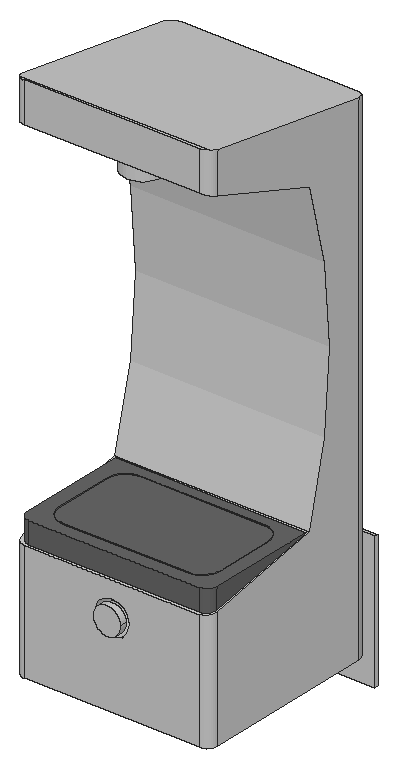
Revit family "Bottle_Filler-Haws-3690-Outdoor_Wall_Mounted-TW3-CS2", category Plumbing Fixtures, Revit 2021
Family settings
  Round Connector Dimension = Use Diameter
  Part Type = Normal
  OmniClass Number = 23.65.70.14.11
  OmniClass Title = Drinking Fountains/Coolers
  Work Plane-Based = No
  Always vertical = Yes
  Cut with Voids When Loaded = No
  Shared = No
  Room Calculation Point = No
Parameters (values of type "Bottle Filler")
  URL = "https://www.hawsco.com"
  Type Comments = "ADA Compliant Bottle Filler"  # constant formula
  Model = "3690 Config WM"  # constant formula
  Manufacturer = "Haws Corporation"  # constant formula
  Description = "Outdoor Wall Mounted Bottle Filler"  # constant formula
  Default Elevation = 2' - 3"
  CD_Width = 0' - 10"  # constant formula
  CD_Warranty = "https://www.hawsco.com/wp-content/uploads/2021/03/Limited_Warranty_2021_FINAL.pdf"
  CD_Sanitary Description = "3690 Connector"
  CD_Product Page URL = "https://www.hawsco.com/products/3690-config-wm-wall-mounted-bottle-filler/"
  CD_Product Documentation Link = "https://www.hawsco.com/wp-content/uploads/2021/01/3690-WM-spec1.pdf"
  CD_Microsite = "https://www.caddetails.com/197"
  CD_Install Documentation = "https://www.hawsco.com/wp-content/uploads/2021/01/IN3690-config-WM.pdf"
  CD_Height = 2' - 3 1/2"  # constant formula
  CD_Finish = Metal-Powder_Coat-Haws-Stainless_Steel-Matte_Silver
  CD_Depth = 0' - 10 1/16"  # constant formula
  Assembly Code = "D2010800"
Reference planes (in)
  plane 1 "Center (Front/Back)": y = 0
  plane 2 "Bottom": z = 0
  plane 3 "Center (Left/Right)": x = 0
  plane 4 "Top": z = 27.5
  plane 5 "Left": x = -5
  plane 6 "Right": x = 5
  plane 7 "Back": y = 5.03125
  plane 8 "Front": y = -5.03125
  plane 9 "Mounting Surface": y = 5.71703
Forms (in)
  Extrusion 1, solid, material "Metal-Powder_Coat-Haws-Stainless_Steel-Matte_Silver" <- "CD_Finish", detail levels medium+fine
    sketch origin (0, 0, 0) x (1, 0, 0) y (0, 1, 0)
      loop
        arc (-4.5, 5.03125) -> (-4.85355, 4.8848) -> (-5, 4.53125) r 0.5
        line (-5, 4.53125) -> (-5, -4.53125)
        arc (-5, -4.53125) -> (-4.85355, -4.8848) -> (-4.5, -5.03125) r 0.5
        line (-4.5, -5.03125) -> (4.5, -5.03125)
        arc (4.5, -5.03125) -> (4.85355, -4.8848) -> (5, -4.53125) r 0.5
        line (5, -4.53125) -> (5, 4.53125)
        arc (5, 4.53125) -> (4.85355, 4.8848) -> (4.5, 5.03125) r 0.5
        line (4.5, 5.03125) -> (-4.5, 5.03125)
    from 0 to 27.5
  Extrusion 2, void
    sketch origin (0, 2.34972, 31.12996) x (0, 1, 0) y (0, 0, 1)
      loop
        line (-7.38097, -5.66446) -> (-7.38097, -25.03451) -> (-0.95559, -23.90155)
        arc (-0.95559, -23.90155) -> (0.34248, -15.94936) -> (-0.96681, -7.99902) r 24.8997
        line (-0.96681, -7.99902) -> (-7.38097, -5.66446)
    from -5 to 5
  Extrusion 3, solid, material "Metal-Powder_Coat-Haws-Black"
    sketch origin (0, 0, 0) x (1, 0, 0) y (0, 1, 0)
      loop
        line (-4.875, 1.25) -> (-4.875, -4.40625)
        arc (-4.875, -4.40625) -> (-4.72855, -4.7598) -> (-4.375, -4.90625) r 0.5
        line (-4.375, -4.90625) -> (4.375, -4.90625)
        arc (4.375, -4.90625) -> (4.72855, -4.7598) -> (4.875, -4.40625) r 0.5
        line (4.875, -4.40625) -> (4.875, 1.25) -> (-4.875, 1.25)
    from 5.51658 to 7.23885
  Extrusion 4, void
    sketch origin (0, 0, 0) x (1, 0, 0) y (0, 1, 0)
      loop
        line (-4.12201, -0.27892) -> (-4.12201, -3.30866)
        arc (-4.12201, -3.30866) -> (-3.82912, -4.01577) -> (-3.12201, -4.30866) r 1
        line (-3.12201, -4.30866) -> (3.21938, -4.30866)
        arc (3.21938, -4.30866) -> (3.92648, -4.01577) -> (4.21938, -3.30866) r 1
        line (4.21938, -3.30866) -> (4.21938, -0.27892)
        arc (4.21938, -0.27892) -> (3.92648, 0.42819) -> (3.21938, 0.72108) r 1
        line (3.21938, 0.72108) -> (-3.12201, 0.72108)
        arc (-3.12201, 0.72108) -> (-3.82912, 0.42819) -> (-4.12201, -0.27892) r 1
      loop
        line (-4.05951, -0.27892) -> (-4.05951, -3.30866)
        arc (-4.05951, -3.30866) -> (-3.78493, -3.97157) -> (-3.12201, -4.24616) r 0.9375
        line (-3.12201, -4.24616) -> (3.21938, -4.24616)
        arc (3.21938, -4.24616) -> (3.88229, -3.97157) -> (4.15688, -3.30866) r 0.9375
        line (4.15688, -3.30866) -> (4.15688, -0.27892)
        arc (4.15688, -0.27892) -> (3.88229, 0.38399) -> (3.21938, 0.65858) r 0.9375
        line (3.21938, 0.65858) -> (-3.12201, 0.65858)
        arc (-3.12201, 0.65858) -> (-3.78493, 0.38399) -> (-4.05951, -0.27892) r 0.9375
    from 6.5743 to 7.39811
  Extrusion 5, void
    sketch origin (0, 0, 0) x (0, 1, 0) y (0, 0, 1)
      loop
        line (-4.91192, 27.5) -> (5.03125, 25.74675) -> (5.03125, 27.5) -> (-4.91192, 27.5)
    from -5 to 5
  Extrusion 6, solid, material "Metal-Powder_Coat-Haws-Stainless_Steel-Matte_Silver" <- "CD_Finish", detail levels fine
    sketch origin (0, 0, 0) x (1, 0, 0) y (0, 1, 0)
      loop
        circle (0, -3.1099) r 1
    from 24.13691 to 25.36815
  Extrusion 7, solid, material "Metal-Powder_Coat-Haws-Stainless_Steel-Matte_Silver" <- "CD_Finish", detail levels medium+fine
    sketch origin (14.93809, 0, 0) x (1, 0, 0) y (0, 0, 1)
      loop
        circle (-14.95027, 4.35885) r 0.70286
    from 0.67184 to 5.33973
  Extrusion 8, void
    sketch origin (14.93809, 0, 0) x (1, 0, 0) y (0, 0, 1)
      loop
        circle (-14.95027, 4.35885) r 0.88045
    from 0 to 5.03125
  Extrusion 9, solid, material "Metal-Powder_Coat-Haws-Stainless_Steel-Matte_Silver" <- "CD_Finish", detail levels medium+fine
    sketch origin (0, 0, 0) x (1, 0, 0) y (0, 1, 0)
      loop
        line (-2.91567, 5.71703) -> (-5, 5.71703) -> (-5, 5.52978) -> (-3.06004, 5.52978) -> (-2.47448, 5.03125) -> (2.47902, 5.03125) -> (3.06458, 5.52978) -> (5, 5.52978) -> (5, 5.71703) -> (2.92021, 5.71703) -> (2.42112, 5.21903) -> (-2.41658, 5.21903) -> (-2.91567, 5.71703)
    from -1.73145 to 5.2272
  Extrusion 10, solid, material "Metal-Powder_Coat-Haws-Stainless_Steel-Matte_Silver" <- "CD_Finish", detail levels fine
    sketch origin (14.93809, 0, 0) x (1, 0, 0) y (0, 0, 1)
      loop
        circle (-14.94205, 1.12517) r 0.75
    from -7.95317 to -5.03125
  Extrusion 11, solid, material "Metal-Powder_Coat-Haws-Stainless_Steel-Matte_Silver" <- "CD_Finish", detail levels coarse
    sketch origin (0, 0, 0) x (1, 0, 0) y (0, 1, 0)
      loop
        line (-4.51666, -5.03125) -> (4.51666, -5.03125)
        spline (4.51666, -5.03125) -> (4.58086, -5.02456) -> (4.64365, -5.00985) -> (4.70403, -4.98735) -> (4.76098, -4.95745) -> (4.81359, -4.92062) -> (4.86099, -4.87748) -> (4.9024, -4.82873) -> (4.93714, -4.77516) -> (4.96464, -4.71767) -> (4.98445, -4.65718) -> (4.99625, -4.5947) -> (4.99984, -4.53125)
        line (4.99984, -4.53125) -> (4.99984, 4.51871)
        arc (4.99984, 4.51871) -> (4.85796, 4.88034) -> (4.5, 5.03125) r 0.5
        line (4.5, 5.03125) -> (-4.5, 5.03125)
        arc (-4.5, 5.03125) -> (-4.84909, 4.88921) -> (-4.99984, 4.54379) r 0.5
        line (-4.99984, 4.54379) -> (-4.99984, -4.53125)
        spline (-4.99984, -4.53125) -> (-4.99625, -4.5947) -> (-4.98445, -4.65718) -> (-4.96464, -4.71767) -> (-4.93714, -4.77516) -> (-4.9024, -4.82873) -> (-4.86099, -4.87748) -> (-4.81359, -4.92062) -> (-4.76098, -4.95745) -> (-4.70403, -4.98735) -> (-4.64365, -5.00985) -> (-4.58086, -5.02456) -> (-4.51666, -5.03125)
    from 0 to 27.5
Cuts and joins
  Extrusion 2, Extrusion 5, Extrusion 8 cuts Extrusion 1
  Extrusion 4 cuts Extrusion 3
  Extrusion 8 cuts Extrusion 7
Dimensions and locks (in)
  "CD_Height": plane 4 "Top" to plane 2 "Bottom"
  equal spacing: plane 5 "Left", plane 3 "Center (Left/Right)", plane 6 "Right"
  "CD_Width": plane 5 "Left" to plane 6 "Right"
  equal spacing: plane 8 "Front", plane 1 "Center (Front/Back)", plane 7 "Back"
  "CD_Depth": plane 8 "Front" to plane 7 "Back"
  plane 4 "Top" to Extrusion 5 sketch curve to Extrusion 5 sketch curve = 0' - 0" locked, 0' - 1.75325" locked
  locked: Extrusion 5 sketch curve to plane 8 "Front" at 0.11933
  Extrusion 6 to Extrusion 6 to plane 4 "Top" = 0' - 1.23124" locked, 0' - 2.13185" locked
  locked: plane 3 "Center (Left/Right)" to Extrusion 6 sketch curve
  plane 8 "Front" to Extrusion 6 sketch curve to Extrusion 6 sketch curve = 0' - 1.92135" locked, 0' - 1" locked
  Extrusion 4 sketch curve to Extrusion 4 sketch curve to plane 1 "Center (Front/Back)" to Extrusion 4 sketch curve to Extrusion 4 sketch curve = 0' - 0 1/16" locked, 0' - 4.24616" locked, 0' - 0.65858" locked, 0' - 0 1/16" locked
  Extrusion 4 sketch curve to Extrusion 4 sketch curve to plane 3 "Center (Left/Right)" to Extrusion 4 sketch curve to Extrusion 4 sketch curve = 0' - 0 1/16" locked, 0' - 4.05951" locked, 0' - 4.15688" locked, 0' - 0 1/16" locked
  Extrusion 4 to Extrusion 4 to plane 2 "Bottom" = 0' - 0.82381" locked, 0' - 6.5743" locked
  Extrusion 3 sketch curve to plane 3 "Center (Left/Right)" to Extrusion 3 sketch curve = 0' - 4 7/8" locked, 0' - 4 7/8" locked
  plane 8 "Front" to Extrusion 3 sketch curve to Extrusion 3 sketch curve = 0' - 0 1/8" locked, 0' - 6 5/32" locked
  plane 7 "Back" to Extrusion 9 sketch curve to Extrusion 9 sketch curve to Extrusion 9 sketch curve to Extrusion 9 sketch curve to Extrusion 9 sketch curve to Extrusion 9 sketch curve = 0' - 0" locked, 0' - 0.18778" locked, 0' - 0.31075" locked, 0' - 0" locked, 0' - 0.18725" locked, 0' - 0" locked
  Extrusion 9 sketch curve to Extrusion 9 sketch curve to Extrusion 9 sketch curve to Extrusion 9 sketch curve to plane 3 "Center (Left/Right)" to Extrusion 9 sketch curve to Extrusion 9 sketch curve to Extrusion 9 sketch curve to Extrusion 9 sketch curve = 0' - 0.14437" locked, 0' - 0.44119" locked, 0' - 0.0579" locked, 0' - 2.41658" locked, 0' - 2.42112" locked, 0' - 0.0579" locked, 0' - 0.44119" locked, 0' - 0.14437" locked
  Extrusion 9 to plane 2 "Bottom" to Extrusion 9 = 0' - 5.2272" locked, 0' - 1.73145" locked
  plane 2 "Bottom" to Extrusion 10 sketch curve to Extrusion 10 sketch curve = 0' - 1.12517" locked, 0' - 0 3/4" locked
  locked: plane 3 "Center (Left/Right)" to Extrusion 10 sketch curve at 0.00397
  locked: plane 3 "Center (Left/Right)" to Extrusion 8 sketch curve at 0.01218
  plane 2 "Bottom" to Extrusion 8 sketch curve to Extrusion 8 sketch curve = 0' - 4.35885" locked, 0' - 0.88045" locked
  locked: plane 3 "Center (Left/Right)" to Extrusion 7 sketch curve at 0.01218
  plane 2 "Bottom" to Extrusion 7 sketch curve to Extrusion 7 sketch curve = 0' - 4.35885" locked, 0' - 0.70286" locked
  Extrusion 2 sketch curve to Extrusion 2 sketch curve to plane 2 "Bottom" = 0' - 1.13297" locked, 0' - 6.09545" locked
  plane 4 "Top" to Extrusion 2 sketch curve to Extrusion 2 sketch curve = 0' - 2.0345" locked, 0' - 2.33456" locked
  locked: Extrusion 2 sketch curve to plane 1 "Center (Front/Back)" at 2.6922
  Extrusion 11 sketch curve to plane 3 "Center (Left/Right)" to Extrusion 11 sketch curve = 0' - 4.99984" locked, 0' - 4.99984" locked
  Extrusion 11 sketch curve to plane 1 "Center (Front/Back)" to Extrusion 11 sketch curve = 0' - 5 1/32" locked, 0' - 5 1/32" locked
  cut or joined group of Extrusion 3, Extrusion 4 to cut or joined group of Extrusion 3, Extrusion 4 to plane 2 "Bottom" = 0' - 1.72227" locked, 0' - 5.51658" locked
  locked: plane 9 "Mounting Surface" to plane 7 "Back" at 0.68578
  locked: plane 2 "Bottom" to level
  aligned and locked: plane 4 "Top" to Extrusion 1
  aligned and locked: Extrusion 1 to plane 2 "Bottom"
  aligned and locked: plane 5 "Left" to Extrusion 1 sketch curve
  aligned and locked: Extrusion 1 sketch curve to plane 8 "Front"
  aligned and locked: Extrusion 1 sketch curve to plane 6 "Right"
  aligned and locked: plane 7 "Back" to Extrusion 1 sketch curve
  aligned and locked: plane 6 "Right" to Extrusion 2
  aligned and locked: Extrusion 2 to plane 5 "Left"
  aligned and locked: plane 8 "Front" to Extrusion 8
  aligned and locked: Extrusion 8 to plane 1 "Center (Front/Back)"
  aligned and locked: plane 4 "Top" to Extrusion 5
  aligned and locked: Extrusion 5 sketch curve to plane 4 "Top"
  aligned and locked: Extrusion 5 sketch curve to plane 7 "Back"
  aligned and locked: Extrusion 5 to plane 5 "Left"
  aligned and locked: plane 6 "Right" to Extrusion 5
  aligned and locked: plane 6 "Right" to Extrusion 9 sketch curve
  aligned and locked: plane 5 "Left" to Extrusion 9 sketch curve
  aligned and locked: Extrusion 2 sketch curve to plane 8 "Front"
  aligned and locked: plane 4 "Top" to Extrusion 11
  aligned and locked: Extrusion 11 to plane 2 "Bottom"
Automatic sketch dimensions
  Extrusion 1 sketch curve to plane 8 "Front" = 0' - 0 1/2"
  Extrusion 1 sketch curve to Extrusion 1 sketch curve = 0' - 0 1/2"  (x2)
  Extrusion 1 sketch curve to Extrusion 1 sketch curve = 0' - 0"
  Extrusion 2 sketch curve to Extrusion 2 sketch curve = 0' - 6.41416"
  Extrusion 2 sketch curve to Extrusion 2 sketch curve = 0' - 6.42538"
  plane 5 "Left" to Extrusion 3 sketch curve = 0' - 0 5/8"
  Extrusion 3 sketch curve to plane 6 "Right" = 0' - 0 5/8"
  Extrusion 4 sketch curve to Extrusion 4 sketch curve = 0' - 0"  (x4)
  plane 1 "Center (Front/Back)" to Extrusion 4 sketch curve = 0' - 0.27892"
  Extrusion 4 sketch curve to Extrusion 4 sketch curve = 0' - 0 15/16"
  Extrusion 4 sketch curve to plane 6 "Right" = 0' - 1.78062"  (x2)
  plane 5 "Left" to Extrusion 11 sketch curve = 0' - 0.48334"
  Extrusion 11 sketch curve to plane 6 "Right" = 0' - 0.48334"
  Extrusion 11 sketch curve to plane 8 "Front" = 0' - 0 1/2"  (x2)
  plane 5 "Left" to Extrusion 11 sketch curve = 0' - 0.00014"
  Extrusion 11 sketch curve to plane 8 "Front" = 0' - 0.49583"
  Extrusion 11 sketch curve to Extrusion 11 sketch curve = 0' - 0.02086"
  Extrusion 11 sketch curve to plane 6 "Right" = 0' - 0.00014"
  plane 5 "Left" to Extrusion 11 sketch curve = 0' - 0 1/2"
  Extrusion 11 sketch curve to plane 6 "Right" = 0' - 0 1/2"
  Extrusion 11 sketch curve to Extrusion 11 sketch curve = 0' - 0 1/2"  (x2)
Connectors (in)
  piping at (-0.00397, 7.95317, 1.12517), diameter 1.5, driven by "CD_Sanitary Description"
    settings: on Extrusion 10, index 1, connector inside diameter 24", connector length 0' - 0", flow factor 0, pipe flow 0 GPM, pressure drop 0.00 psi, fitting loss kfactor 0, connector angle 0.00°, fixture units 0, engagement length 0' - 0", angle of deflection 0.00°, flow configuration 0, flow direction 0, fitting loss method 0, system type 16, joint type 0, gender type 0, connector reference index -1, connector utility 0, adjustable connector no, is connector primary yes, connector description "3690 Connector"
